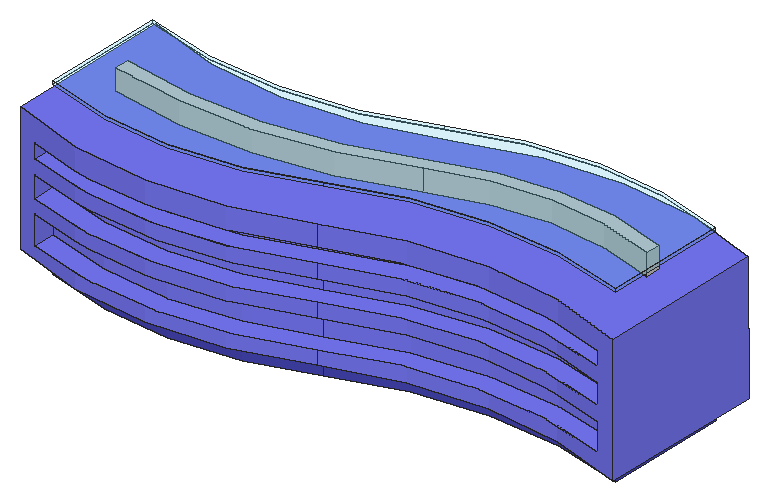
Revit family
Reference planes (in)
  plane 1 "Center Front/Back": y = 0
  plane 2: z = 0
  plane 3 "Center Left/Right": x = 0
  plane 4 "base": z = 3
  plane 5 "top": z = 21
  plane 6 "counter": z = 24
  plane 7 "t1": z = 5
  plane 8 "t2": z = 9
  plane 9 "t3": z = 14
  plane 10 "t4": z = 18
  plane 11: y = 12
  plane 12 "t5": z = 11
  plane 13 "t6": z = 16
Forms (in)
  Extrusion 1, solid, material "Plastic - Dark Blue"
    sketch origin (0, 0, 0) x (1, 0, 0) y (0, 1, 0)
      loop
        line (-20, 19.66025) -> (-20, 2.02836)
        arc (-20, 2.02836) -> (-1.01449, -1.25693) -> (17.82932, 2.76216) r 50.81505
        arc (17.82932, 2.76216) -> (37.77046, 7.22273) -> (58, 4.33975) r 56.81505
        line (58, 4.33975) -> (58, 21.97164)
        arc (58, 21.97164) -> (39.01449, 25.25693) -> (20.17068, 21.23784) r 50.81505
        arc (20.17068, 21.23784) -> (0.22954, 16.77727) -> (-20, 19.66025) r 56.81505
    from 0 to 3
  Extrusion 2, solid, material "Plastic - Blue"
    sketch origin (0, 0, 3) x (-1, 0, 0) y (0, -1, 0)
      loop
        line (23, -24) -> (23, 0)
        arc (23, 0) -> (2, 4.26649) -> (-19, 0) r 53.81505
        arc (-19, 0) -> (-40, -4.26649) -> (-61, 0) r 53.81505
        line (-61, 0) -> (-61, -24)
        arc (-61, -24) -> (-40, -28.26649) -> (-19, -24) r 53.81505
        arc (-19, -24) -> (2, -19.73351) -> (23, -24) r 53.81505
    from 0 to 18
  Extrusion 3, solid, material "Metal"
    sketch origin (0, 0, 21) x (-1, 0, 0) y (0, -1, 0)
      loop
        line (17, -11.52146) -> (17, -9.46564)
        arc (17, -9.46564) -> (-3.61851, -7.97377) -> (-23.6827, -12.95137) r 65.81505
        arc (-23.6827, -12.95137) -> (-39.28965, -16.26046) -> (-55, -13.48346) r 41.81505
        line (-55, -13.48346) -> (-55, -15.61889)
        arc (-55, -15.61889) -> (-38.87273, -18.25199) -> (-22.90225, -14.79281) r 43.81505
        arc (-22.90225, -14.79281) -> (-3.21431, -9.9469) -> (17, -11.52146) r 63.81505
    from 0 to 3
  Extrusion 4, solid, material "Glass"
    sketch origin (0, 0, 24) x (-1, 0, 0) y (0, -1, 0)
      loop
        arc (20, -2.02836) -> (1.01449, 1.25693) -> (-17.82932, -2.76216) r 50.81505
        arc (-17.82932, -2.76216) -> (-37.77046, -7.22273) -> (-58, -4.33975) r 56.81505
        line (-58, -4.33975) -> (-58, -21.97164)
        arc (-58, -21.97164) -> (-39.01449, -25.25693) -> (-20.17068, -21.23784) r 50.81505
        arc (-20.17068, -21.23784) -> (-0.22954, -16.77727) -> (20, -19.66025) r 56.81505
        line (20, -19.66025) -> (20, -2.02836)
    from 0 to 0.5
  Extrusion 5, void
    sketch origin (0, 0, 5) x (-1, 0, 0) y (0, -1, 0)
      loop
        arc (20, -19.66025) -> (-0.22954, -16.77727) -> (-20.17068, -21.23784) r 56.81505
        arc (-20.17068, -21.23784) -> (-39.01449, -25.25693) -> (-58, -21.97164) r 50.81505
        line (-58, -21.97164) -> (-58, -28.33975)
        arc (-58, -28.33975) -> (-37.77046, -31.22273) -> (-17.82932, -26.76216) r 56.81505
        arc (-17.82932, -26.76216) -> (1.01449, -22.74307) -> (20, -26.02836) r 50.81505
        line (20, -26.02836) -> (20, -19.66025)
    from 0 to 2
  Extrusion 6, void
    sketch origin (0, 0, 5) x (-1, 0, 0) y (0, -1, 0)
      loop
        line (20, -2.02836) -> (20, 4.33975)
        arc (20, 4.33975) -> (-0.22954, 7.22273) -> (-20.17068, 2.76216) r 56.81505
        arc (-20.17068, 2.76216) -> (-39.01449, -1.25693) -> (-58, 2.02836) r 50.81505
        line (-58, 2.02836) -> (-58, -4.33975)
        arc (-58, -4.33975) -> (-37.77046, -7.22273) -> (-17.82932, -2.76216) r 56.81505
        arc (-17.82932, -2.76216) -> (1.01449, 1.25693) -> (20, -2.02836) r 50.81505
    from 0 to 4
  Extrusion 7, void
    sketch origin (0, 0, 9) x (-1, 0, 0) y (0, -1, 0)
      loop
        arc (20, -19.66025) -> (-0.22954, -16.77727) -> (-20.17068, -21.23784) r 56.81505
        arc (-20.17068, -21.23784) -> (-39.01449, -25.25693) -> (-58, -21.97164) r 50.81505
        line (-58, -21.97164) -> (-58, -28.33975)
        arc (-58, -28.33975) -> (-37.77046, -31.22273) -> (-17.82932, -26.76216) r 56.81505
        arc (-17.82932, -26.76216) -> (1.01449, -22.74307) -> (20, -26.02836) r 50.81505
        line (20, -26.02836) -> (20, -19.66025)
    from 0 to 3
  Extrusion 8, void
    sketch origin (0, 0, 14) x (-1, 0, 0) y (0, -1, 0)
      loop
        arc (20, -19.66025) -> (-0.22954, -16.77727) -> (-20.17068, -21.23784) r 56.81505
        arc (-20.17068, -21.23784) -> (-39.01449, -25.25693) -> (-58, -21.97164) r 50.81505
        line (-58, -21.97164) -> (-58, -28.33975)
        arc (-58, -28.33975) -> (-37.77046, -31.22273) -> (-17.82932, -26.76216) r 56.81505
        arc (-17.82932, -26.76216) -> (1.01449, -22.74307) -> (20, -26.02836) r 50.81505
        line (20, -26.02836) -> (20, -19.66025)
    from 0 to 4
  Extrusion 9, void
    sketch origin (0, 0, 11) x (0, 1, 0) y (-1, 0, 0)
      loop
        line (2.02836, 20) -> (-4.33975, 20)
        arc (-4.33975, 20) -> (-7.22273, -0.22954) -> (-2.76216, -20.17068) r 56.81505
        arc (-2.76216, -20.17068) -> (1.25693, -39.01449) -> (-2.02836, -58) r 50.81505
        line (-2.02836, -58) -> (4.33975, -58)
        arc (4.33975, -58) -> (7.22273, -37.77046) -> (2.76216, -17.82932) r 56.81505
        arc (2.76216, -17.82932) -> (-1.25693, 1.01449) -> (2.02836, 20) r 50.81505
    from 0 to 3
  Extrusion 10, void
    sketch origin (0, 0, 16) x (0, 1, 0) y (-1, 0, 0)
      loop
        arc (2.76216, -17.82932) -> (-1.25693, 1.01449) -> (2.02836, 20) r 50.81505
        line (2.02836, 20) -> (-4.33975, 20)
        arc (-4.33975, 20) -> (-7.22273, -0.22954) -> (-2.76216, -20.17068) r 56.81505
        arc (-2.76216, -20.17068) -> (1.25693, -39.01449) -> (-2.02836, -58) r 50.81505
        line (-2.02836, -58) -> (4.33975, -58)
        arc (4.33975, -58) -> (7.22273, -37.77046) -> (2.76216, -17.82932) r 56.81505
    from 0 to 2
Cuts and joins
  Extrusion 5, Extrusion 6, Extrusion 7, Extrusion 8, Extrusion 9, Extrusion 10 cuts Extrusion 2
  Extrusion 7, Extrusion 8 cuts Extrusion 3
  Extrusion 8, Extrusion 10 cuts Extrusion 4
